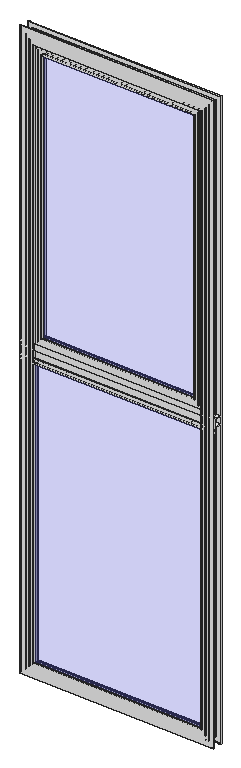
Revit family "WAL_A3-Classic-Side-Hung-600x1800-PS618R", category Windows, host Wall, Revit 2016
Family settings
  Host = Wall
  Always vertical = Yes
  Cut with Voids When Loaded = No
  Shared = No
  Room Calculation Point = No
Parameters (values of type "600 x 1800 PS618R Classic Side Hung")
  URL = "www.agi.co.za"
  Trim Material = Metal - Aluminium
  Model = "Top Hung"
  Manufacturer Code = "PS618R"
  Manufacturer = "AGI Aluminium"
  Height = 1800 mm
  Glass Material = Glass
  Frame Material = Metal - Aluminium
  Description = "Classic Side Hung"
  Default Sill Height = 800 mm
  Wall Closure = By host
  Width = 600 mm
  Assembly Code = "B2020110"
Reference planes
  plane 1 "Center": y = 0
  plane 2 "Center (Left/Right)": x = 0
  plane 3 "Left": x = -300
  plane 4 "Right": x = 300
  plane 5 "Sill": z = 800
  plane 6 "Head": z = 2600
  plane 7 "Exterior": y = 75
  plane 8 "Interior": y = -75
  plane 9: z = 2602
  plane 10: x = 302
  plane 11: x = -302
  plane 12: z = 798
  plane 13: z = 2564
  plane 14: z = 813.9
  plane 15: x = 264
  plane 16: x = -264
  plane 17: z = 1700
  plane 18: z = 1722
  plane 19: z = 1684
  plane 20: x = 286.1
  plane 21: x = -286.1
Forms (mm)
  Sweep 1, solid, material "Metal - Aluminium", detail levels medium+fine
    path origin (0, 0, 0) x (1, 0, 0) y (0, 0, 1)
      loop
        line (300, 2600) -> (-300, 2600) -> (-300, 800) -> (300, 800) -> (300, 2600)
    profile "Frame : Frame" origin (0, 0, 2600) x (0, 0, -1) y (0, -1, 0)
      loop
        line (0, -30) -> (28, -30) -> (28, -29) -> (26, -29) -> (26, -1) -> (28, -1) -> (28, -7) -> (29, -7) -> (29, -1) -> (37, -1) -> (37, -3.645) -> (38, -3.645) -> (38, -1) -> (40, -1) -> (40, -3.645) -> (41, -3.645) -> (41, 0) -> (0, 0) -> (0, -2) -> (1, -2) -> (1, -1) -> (15.005, -1) -> (15.005, -4) -> (16.005, -4) -> (16.005, -1) -> (25, -1) -> (25, -29) -> (16.005, -29) -> (16.005, -26) -> (15.005, -26) -> (15.005, -29) -> (1, -29) -> (1, -28) -> (0, -28) -> (0, -30)
  Sweep 2, solid, material "Metal - Aluminium", detail levels medium+fine
    path origin (0, 0, 0) x (1, 0, 0) y (0, 0, 1)
      loop
        line (300, 1700) -> (-300, 1700)
    profile "30 x 50 Center Divide : 30 x 50 Center Divide" origin (0, 0, 1700) x (0, 0, -1) y (0, -1, 0)
      loop
        line (-11, -5) -> (-11, -29) -> (11, -29) -> (11, -5) -> (-11, -5)
      loop
        line (-27.011, 0) -> (-27.011, -3.245) -> (-26.011, -3.245) -> (-26.011, -1) -> (-24.011, -1) -> (-24.011, -3.245) -> (-23.011, -3.245) -> (-23.011, -1) -> (-15.011, -1) -> (-15.011, -6.6) -> (-14.011, -6.6) -> (-14.011, -1) -> (-13.142, -1) -> (-12, -5.263) -> (-12, -29) -> (-14, -29) -> (-14, -30) -> (14, -30) -> (14, -29) -> (12, -29) -> (12, -5.263) -> (13.142, -1) -> (14, -1) -> (14, -7) -> (15, -7) -> (15, -1) -> (23, -1) -> (23, -3.645) -> (24, -3.645) -> (24, -1) -> (26, -1) -> (26, -3.645) -> (27, -3.645) -> (27, 0) -> (12.375, 0) -> (11.303, -4) -> (-11.303, -4) -> (-12.375, 0) -> (-27.011, 0)
  Sweep 3, solid, material "Metal - Aluminium", detail levels medium+fine
    path origin (0, 0, 0) x (1, 0, 0) y (0, 0, 1)
      loop
        line (300, 2602) -> (-300, 2602) -> (-300, 1684) -> (300, 1684) -> (300, 2602)
    profile "Casement : Casement" origin (0, 0, 2602) x (0, 0, -1) y (0, -1, 0)
      loop
        line (40, -4.645) -> (40, -32.645) -> (49, -32.645) -> (49, -4.645) -> (40, -4.645)
      loop
        line (65, -3.645) -> (37, -3.645) -> (37, -4.645) -> (39, -4.645) -> (39, -32.645) -> (37, -32.645) -> (37, -26.645) -> (36, -26.645) -> (36, -32.645) -> (28, -32.645) -> (28, -30) -> (27, -30) -> (27, -32.645) -> (25, -32.645) -> (25, -30) -> (24, -30) -> (24, -33.645) -> (50, -33.645) -> (50, -4.645) -> (52, -4.645) -> (52, -10.645) -> (53, -10.645) -> (53, -4.645) -> (61, -4.645) -> (61, -7.289) -> (62, -7.289) -> (62, -4.645) -> (64, -4.645) -> (64, -7.289) -> (65, -7.289) -> (65, -3.645)
  Sweep 4, solid, material "Metal - Aluminium", detail levels medium+fine
    path origin (0, 0, 0) x (1, 0, 0) y (0, 0, 1)
      loop
        line (286.1, 1700) -> (-286.1, 1700) -> (-286.1, 813.9) -> (286.1, 813.9) -> (286.1, 1700)
    profile "Trim : Trim" origin (0, 0, 1700) x (0, 0, -1) y (0, -1, 0)
      loop
        line (24.555, -1.643) -> (24.555, -4.05)
        arc (24.555, -4.05) -> (23.436, -4.753) -> (23, -6) r 2
        line (23, -6) -> (27, -6)
        arc (27, -6) -> (26.552, -4.739) -> (25.41, -4.042) r 2
        line (25.41, -4.042) -> (25.41, -1.643) -> (24.555, -1.643)
      loop
        line (14, -29) -> (29, -14) -> (29, -12.474) -> (26.323, -12.474)
        arc (26.323, -12.474) -> (26.823, -11.797) -> (27, -10.974) r 2
        line (27, -10.974) -> (23, -10.974)
        arc (23, -10.974) -> (23.177, -11.797) -> (23.677, -12.474) r 2
        line (23.677, -12.474) -> (13.467, -12.474) -> (13.467, -4) -> (12.5, -4) -> (12.5, -13.474) -> (20.535, -13.474) -> (24.323, -17.263) -> (12.586, -29) -> (14, -29)
  Sweep 5, solid, material "Metal - Aluminium", detail levels medium+fine
    path origin (0, 0, 0) x (1, 0, 0) y (0, 0, 1)
      loop
        line (264, 2564) -> (-264, 2564) -> (-264, 1722) -> (264, 1722) -> (264, 2564)
    profile "Trim : Trim" origin (0, 0, 2564) x (0, 0, -1) y (0, -1, 0)
      loop
        line (24.555, -4.643) -> (24.555, -7.05)
        arc (24.555, -7.05) -> (23.436, -7.753) -> (23, -9) r 2
        line (23, -9) -> (27, -9)
        arc (27, -9) -> (26.552, -7.739) -> (25.41, -7.042) r 2
        line (25.41, -7.042) -> (25.41, -4.643) -> (24.555, -4.643)
      loop
        line (14, -32) -> (29, -17) -> (29, -15.474) -> (26.323, -15.474)
        arc (26.323, -15.474) -> (26.823, -14.797) -> (27, -13.974) r 2
        line (27, -13.974) -> (23, -13.974)
        arc (23, -13.974) -> (23.177, -14.797) -> (23.677, -15.474) r 2
        line (23.677, -15.474) -> (13.467, -15.474) -> (13.467, -7) -> (12.5, -7) -> (12.5, -16.474) -> (20.535, -16.474) -> (24.323, -20.263) -> (12.586, -32) -> (14, -32)
  Extrusion 6, solid, material "Glass", detail levels medium+fine
    sketch origin (0, 0, 0) x (1, 0, 0) y (0, 1, 0)
      loop
        line (-263.118, 10.974) -> (-263.118, 6) -> (263.1, 6) -> (263.1, 10.974) -> (-263.118, 10.974)
    from 836.9 to 1677
  Extrusion 7, solid, material "Glass", detail levels medium+fine
    sketch origin (0, 0, 0) x (1, 0, 0) y (0, 1, 0)
      loop
        line (-241.018, 13.974) -> (-241.018, 9) -> (241, 9) -> (241, 13.974) -> (-241.018, 13.974)
    from 1745 to 2541
Cuts and joins
  joined: Sweep 1, Sweep 2
Lines and regions (mm)
  Opening 1
    outline origin (3500, -75, 0) x (1, 0, 0) y (0, 0, 1)
      loop
        line (-3200, 800) -> (-3200, 2600) -> (-3800, 2600) -> (-3800, 800) -> (-3200, 800)
  symbolic lines, style "Elevation Swing"
    curve 1: line (-278, 0, 2578) -> (276, 0, 2150)
    curve 2: line (276, 0, 2150) -> (-276, 0, 1708)
Text (mm)
  text "EXTERIOR" at (-1963.203, 1332.353, 0), in view "Ref. Level"
  text "INTERIOR" at (-1981.466, -818.386, 0), in view "Ref. Level"
  text "Exterior" at (0, 923.751, 2943.296), in view "Right"
  text "Exterior" at (0, 1040.484, 2685.409), in view "Left"
Dimensions and locks
  equal spacing: plane 3 "Left", plane 2 "Center (Left/Right)", plane 4 "Right"
  "Width": plane 3 "Left" to plane 4 "Right"
  "Height": plane 5 "Sill" to plane 6 "Head"
  "Default Sill Height": plane 5 "Sill" to level
  locked: plane 7 "Exterior" to host wall at 0
  locked: plane 8 "Interior" to host wall
  locked: plane 12 to plane 5 "Sill" at 2
  locked: plane 6 "Head" to plane 9 at 2
  locked: plane 4 "Right" to plane 10 at 2
  locked: plane 11 to plane 3 "Left" at 2
  locked: plane 15 to plane 4 "Right" at 36
  locked: plane 3 "Left" to plane 16 at 36
  locked: plane 5 "Sill" to plane 14 at 13.9
  locked: plane 13 to plane 6 "Head" at 36
  equal spacing: plane 5 "Sill", plane 17, plane 6 "Head"
  locked: plane 19 to plane 17 at 16
  locked: plane 17 to plane 18 at 22
  locked: plane 20 to plane 4 "Right" at 13.9
  locked: plane 21 to plane 3 "Left" at 13.9
  equal spacing: plane 17, curve 2, plane 6 "Head"
  aligned and locked: host wall to Sweep 1 sketch curve
  aligned and locked: Sweep 1 sketch curve to host wall  (x3)
  aligned and locked: plane 3 "Left" to Sweep 2 sketch curve
  aligned and locked: plane 4 "Right" to Sweep 2 sketch curve
  aligned and locked: Sweep 2 sketch curve to plane 17
  aligned and locked: plane 19 to Sweep 3 sketch curve
  aligned and locked: Sweep 3 sketch curve to Sweep 1  (x2)
  aligned and locked: Sweep 3 sketch curve to plane 9
  aligned and locked: plane 14 to Sweep 4 sketch curve
  aligned and locked: plane 20 to Sweep 4 sketch curve
  aligned and locked: Sweep 4 sketch curve to plane 21
  aligned and locked: Sweep 4 sketch curve to plane 17
  aligned and locked: plane 18 to Sweep 5 sketch curve
  aligned and locked: plane 15 to Sweep 5 sketch curve
  aligned and locked: Sweep 5 sketch curve to plane 13
  aligned and locked: Sweep 5 sketch curve to plane 16
  aligned and locked: Sweep 4 to Extrusion 6 sketch curve  (x2)
  aligned and locked: Extrusion 6 sketch curve to Sweep 4  (x2)
  aligned and locked: Extrusion 6 to Sweep 4  (x2)
  aligned and locked: Sweep 5 to Extrusion 7 sketch curve  (x2)
  aligned and locked: Extrusion 7 sketch curve to Sweep 5  (x2)
  aligned and locked: Extrusion 7 to Sweep 5  (x2)
Automatic sketch dimensions
  Opening 1 sketch curve to plane 3 "Left" = 0 mm
  Opening 1 sketch curve to plane 4 "Right" = 0 mm
  Opening 1 sketch curve to plane 5 "Sill" = 0 mm
  Opening 1 sketch curve to plane 6 "Head" = 0 mm
  plane 21 to curve 1 = 8.1 mm
  plane 21 to curve 2 = 10.1 mm
  plane 20 to curve 1 = 10.1 mm
  plane 17 to curve 2 = 8 mm
  plane 13 to curve 1 = 14 mm
